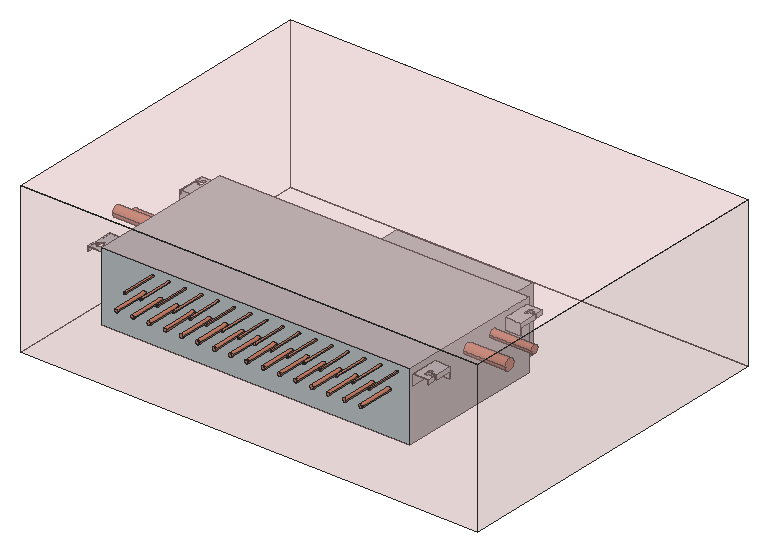
Revit family "CMB-M1016V-JA1(-TR)", category 機械設備, Revit 2016
Family settings
  ホスト = 天井
  パーツ タイプ = 標準
  丸型コネクタ寸法 = 半径を使用
  OmniClass 番号 = 23.75.00.00
  OmniClass タイトル = Climate Control (HVAC)
  常に垂直 = はい
  ロード時にボイドで切り取り = いいえ
  共有 = いいえ
  部屋の計算ポイント = いいえ
Parameters (values of type "CMB-M1016V-JA1(-TR)_240V_60Hz")
  説明 = "BC controller"
  製造元 = "Mitsubishi Electric Corporation"
  モデル = "CMB-M1016V-JA1(-TR)"
  Width = 1135.00 mm
  WarrantyStart = ""
  Voltage = 240 V
  Unit Weight (kg) = 68
  URL = "http://www.mitsubishielectric.com/"
  TagNumber = 0
  Subcategory = "HVAC"
  Space View = yes
  Sound Pressure Level (Rated operation) (dB(A)) = "50"
  Sound Pressure Level (Defrost) (dB(A)) = 56
  Sound Power Level (Rated operation) (dB(A)) = "68"
  Sound Power Level (Defrost) (dB(A)) = 74
  SerialNumber = 0
  ReplacementYear = ""
  Phase = 1
  Number of branch = 16
  InstallationDate = ""
  Indoor unit capacity connectable to 1 branch = "Model P/M80 or smaller\r\n(Use optional joint pipe combining 2 branches when the total unit capacity exceeds P/M81.)"
  Hertz = 60 Hz
  Height = 252.00 mm
  Heating Power Input (kW) = 0.119
  Heating Current (A) = 0.5
  External Finish = "Galvanized steel plate\r\n(Lower part drain pan: Pre-coated galvanized sheets + powder coating)"
  Equip_description = ""
  Equip_No. = 0
  Equip_ID = ""
  Drain pipe_radius = 16.00 mm
  Description = ""
  Depth = 622.00 mm
  CreatedOn = ""
  CreatedBy = ""
  Cooling Power Input (kW) = 0.246
  Cooling Current (A) = 1.03
  Connection pipe of outdoor/heat source unit to P850 to P900 (Low pressure)_radius = 20.64 mm
  Connection pipe of outdoor/heat source unit to P850 to P900 (High pressure)_radius = 14.29 mm
  Connection pipe of outdoor/heat source unit to P700 to P800 (Low pressure)_radius = 17.465 mm
  Connection pipe of outdoor/heat source unit to P700 to P800 (High pressure)_radius = 14.29 mm
  Connection pipe of outdoor/heat source unit to P650 (Low pressure)_radius = 14.29 mm
  Connection pipe of outdoor/heat source unit to P650 (High pressure)_radius = 14.29 mm
  Connection pipe of outdoor/heat source unit to P600 (Low pressure) radius = "14.29 or 17.465"
  Connection pipe of outdoor/heat source unit to P600 (High pressure) radius = "11.1 or 14.29"
  Connection pipe of outdoor/heat source unit to P550 (Low pressure)_radius = 14.29 mm
  Connection pipe of outdoor/heat source unit to P550 (High pressure) radius = "11.1 or 14.29"
  Connection pipe of outdoor/heat source unit to P400 to P500 (Low pressure)_radius = 14.29 mm
  Connection pipe of outdoor/heat source unit to P400 to P500 (High pressure)_radius = 11.10 mm
  Connection pipe of outdoor/heat source unit to P350 (Low pressure)_radius = 14.29 mm
  Connection pipe of outdoor/heat source unit to P350 (High pressure) radius = "9.525 or 11.1"
  Connection pipe of outdoor/heat source unit to P250/P300 (Low pressure)_radius = 11.10 mm
  Connection pipe of outdoor/heat source unit to P250/P300 (High pressure)_radius = 9.525 mm
  Connection pipe of outdoor/heat source unit to P200/M200 (Low pressure)_radius = 9.525 mm
  Connection pipe of outdoor/heat source unit to P200/M200 (High pressure)_radius = 7.94 mm
  Connection pipe of outdoor/heat source unit to M250/M300 (Low pressure)_radius = 11.10 mm
  Connection pipe of outdoor/heat source unit to M250/M300 (High pressure)_radius = 7.94 mm
  Connection pipe of other BC controller to P801 to P1000 (Low pressure Pipe)_radius = 20.64 mm
  Connection pipe of other BC controller to P801 to P1000 (Liquid Pipe)_radius = 9.525 mm
  Connection pipe of other BC controller to P801 to P1000 (High pressure Pipe)_radius = 14.29 mm
  Connection pipe of other BC controller to P651 to P800 (Low pressure Pipe)_radius = 17.465 mm
  Connection pipe of other BC controller to P651 to P800 (Liquid Pipe)_radius = 9.525 mm
  Connection pipe of other BC controller to P651 to P800 (High pressure Pipe)_radius = 14.29 mm
  Connection pipe of other BC controller to P601 to P650 (Low pressure Pipe)_radius = 14.29 mm
  Connection pipe of other BC controller to P601 to P650 (Liquid Pipe)_radius = 7.94 mm
  Connection pipe of other BC controller to P601 to P650 (High pressure Pipe)_radius = 14.29 mm
  Connection pipe of other BC controller to P401 to P600 (Low pressure Pipe)_radius = 14.29 mm
  Connection pipe of other BC controller to P401 to P600 (Liquid Pipe)_radius = 7.94 mm
  Connection pipe of other BC controller to P401 to P600 (High pressure Pipe)_radius = 11.10 mm
  Connection pipe of other BC controller to P351 to P400 (Low pressure Pipe)_radius = 14.29 mm
  Connection pipe of other BC controller to P351 to P400 (Liquid Pipe)_radius = 6.35 mm
  Connection pipe of other BC controller to P351 to P400 (High pressure Pipe)_radius = 11.10 mm
  Connection pipe of other BC controller to P301 to P350 (Low pressure Pipe)_radius = 14.29 mm
  Connection pipe of other BC controller to P301 to P350 (Liquid Pipe)_radius = 6.35 mm
  Connection pipe of other BC controller to P301 to P350 (High pressure Pipe)_radius = 9.525 mm
  Connection pipe of other BC controller to P201 to P300 (Low pressure Pipe)_radius = 11.10 mm
  Connection pipe of other BC controller to P201 to P300 (Liquid Pipe)_radius = 4.76 mm
  Connection pipe of other BC controller to P201 to P300 (High pressure Pipe)_radius = 9.525 mm
  Connection pipe of other BC controller to P200/M200 (Low pressure Pipe)_radius = 9.525 mm
  Connection pipe of other BC controller to P200/M200 (Liquid Pipe)_radius = 4.76 mm
  Connection pipe of other BC controller to P200/M200 (High pressure Pipe)_radius = 7.94 mm
  Connection pipe of other BC controller to P1001 ot above (High pressure Pipe)_radius = 17.465 mm
  Connection pipe of other BC controller to P1001 or above (Low pressure Pipe)_radius = 20.64 mm
  Connection pipe of other BC controller to P1001 or above (Liquid Pipe)_radius = 9.525 mm
  Connection pipe of other BC controller to M401 to M450 (Low pressure Pipe)_radius = 14.29 mm
  Connection pipe of other BC controller to M401 to M450 (Liquid Pipe)_radius = 7.94 mm
  Connection pipe of other BC controller to M401 to M450 (High pressure Pipe)_radius = 9.525 mm
  Connection pipe of other BC controller to M351 to M400 (Low pressure Pipe)_radius = 14.29 mm
  Connection pipe of other BC controller to M351 to M400 (Liquid Pipe)_radius = 6.35 mm
  Connection pipe of other BC controller to M351 to M400 (High pressure Pipe)_radius = 9.525 mm
  Connection pipe of other BC controller to M301 to M350 (Low pressure Pipe)_radius = 14.29 mm
  Connection pipe of other BC controller to M301 to M350 (Liquid Pipe)_radius = 6.35 mm
  Connection pipe of other BC controller to M301 to M350 (High pressure Pipe)_radius = 7.94 mm
  Connection pipe of other BC controller to M201 to M300 (Low pressure Pipe)_radius = 11.10 mm
  Connection pipe of other BC controller to M201 to M300 (Liquid Pipe)_radius = 4.76 mm
  Connection pipe of other BC controller to M201 to M300 (High pressure Pipe)_radius = 7.94 mm
  Connection pipe of indoor unit (Liquid Pipe)_radius (O.D.) = "Indoor unit Model 50 or smaller 3.175 Brazed\r\nbigger than 50 4.76 Brazed"
  Connection pipe of indoor unit (Gas Pipe)_radius (O.D.) = "Indoor unit Model 50 or smaller 6.35 Brazed\r\nbigger than 50 7.94 Brazed\r\n(9.525, 11.1 with optional joint pipe used.)"
  Connectable Outdoor/Heat source Unit Capacity = "P200 to P900/M200 to M300"
  Category = ""
  Barcode = ""
  AssetIdentifier = ""
Types (6, lengths in mm): name | Voltage | Hertz | Heating Power Input (kW) | Heating Current (A) | Cooling Power Input (kW) | Cooling Current (A)
  CMB-M1016V-JA1(-TR)_220V_50Hz | 220 V | 50 Hz | 0.119 | 0.55 | 0.246 | 1.12
  CMB-M1016V-JA1(-TR)_220V_60Hz | 220 V | 60 Hz | 0.096 | 0.44 | 0.198 | 0.9
  CMB-M1016V-JA1(-TR)_230V_50Hz | 230 V | 50 Hz | 0.135 | 0.59 | 0.279 | 1.22
  CMB-M1016V-JA1(-TR)_230V_60Hz | 230 V | 60 Hz | 0.108 | 0.47 | 0.222 | 0.97
  CMB-M1016V-JA1(-TR)_240V_50Hz | 240 V | 50 Hz | 0.151 | 0.63 | 0.312 | 1.3
  CMB-M1016V-JA1(-TR)_240V_60Hz | 240 V | 60 Hz | 0.119 | 0.5 | 0.246 | 1.03
Reference planes
  plane 1 "Center (Front/Back)": y = 0
  plane 2: z = 0
  plane 3 "Center (Left/Right)": x = 0
  plane 4 "Ceiling": z = 0
  plane 5: x = 18.001
  plane 6: x = -1461.999
  plane 7: y = -271.474
  plane 8: y = 272.5
  plane 9: y = -272.5
  plane 10: z = 452.005
  plane 11: z = 200.005
  plane 12: x = -567.5
  plane 13: x = 567.5
  plane 14 "attachment": z = 430.005
Forms (mm)
  Extrusion 1, solid, material "Plated steel"
    sketch origin (-719.999, 26, 4154.985) x (-1, 0, 0) y (0, -1, 0)
      loop
        line (-1287.499, 298.5) -> (-1287.499, -246.5) -> (-152.499, -246.5) -> (-152.499, 298.5) -> (-1287.499, 298.5)
    from -3954.98 to -3702.98
  Extrusion 2, solid, material "Plated steel"
    sketch origin (609.8, 1.043, 4125.43) x (-1, 0, 0) y (0, 0, 1)
      loop
        line (586.665, -3678.196) -> (88.3, -3678.196) -> (88.3, -3915.425) -> (586.665, -3915.425) -> (586.665, -3678.196)
    from 271.457 to 348.457
  Extrusion 3, solid, material "Copper"
    sketch origin (525.5, -272.5, 4151.796) x (-1, 0, 0) y (0, 0, -1)
      loop
        circle (905, 3724.791) r 3.175
    from 0 to 130
  Extrusion 4, solid, material "Copper"
    sketch origin (585.5, -272.5, 4151.796) x (-1, 0, 0) y (0, 0, -1)
      loop
        circle (905, 3724.791) r 3.175
    from 0 to 130
  Extrusion 5, solid, material "Copper"
    sketch origin (645.5, -272.5, 4151.796) x (-1, 0, 0) y (0, 0, -1)
      loop
        circle (905, 3724.791) r 3.175
    from 0 to 130
  Extrusion 6, solid, material "Copper"
    sketch origin (593.5, -272.5, 4151.796) x (-1, 0, 0) y (0, 0, -1)
      loop
        circle (793, 3724.791) r 3.175
    from 0 to 130
  Extrusion 7, solid, material "Copper"
    sketch origin (525.5, -272.5, 4151.796) x (-1, 0, 0) y (0, 0, -1)
      loop
        circle (935, 3792.791) r 6.35
    from 0 to 130
  Extrusion 8, solid, material "Copper"
    sketch origin (585.5, -272.5, 4151.796) x (-1, 0, 0) y (0, 0, -1)
      loop
        circle (935, 3792.791) r 6.35
    from 0 to 130
  Extrusion 9, solid, material "Copper"
    sketch origin (645.5, -272.5, 4151.796) x (-1, 0, 0) y (0, 0, -1)
      loop
        circle (935, 3792.791) r 6.35
    from 0 to 130
  Extrusion 10, solid, material "Copper"
    sketch origin (593.5, -272.5, 4151.796) x (-1, 0, 0) y (0, 0, -1)
      loop
        circle (823, 3792.791) r 6.35
    from 0 to 130
  Extrusion 11, solid, material "Copper"
    sketch origin (-567.5, 273, 4154.985) x (0, -1, 0) y (0, 0, 1)
      loop
        circle (281.5, -3749.98) r 19.05
    from 0 to 155
  Extrusion 12, solid, material "Copper"
    sketch origin (-567.5, 273, 4154.985) x (0, -1, 0) y (0, 0, 1)
      loop
        circle (203.5, -3793.98) r 17.465
    from 0 to 155
  Extrusion 13, solid
    sketch origin (-567.5, 273, 4154.985) x (0, -1, 0) y (0, 0, 1)
      loop
        circle (272.5, -3923.98) r 16
    from 0 to 20
  Extrusion 14, solid, material "Copper"
    sketch origin (653.5, -272.5, 4151.796) x (-1, 0, 0) y (0, 0, -1)
      loop
        circle (793, 3724.791) r 3.175
    from 0 to 130
  Extrusion 15, solid, material "Copper"
    sketch origin (653.5, -272.5, 4151.796) x (-1, 0, 0) y (0, 0, -1)
      loop
        circle (823, 3792.791) r 6.35
    from 0 to 130
  Extrusion 16, solid, material "Copper"
    sketch origin (713.5, -272.5, 4151.796) x (-1, 0, 0) y (0, 0, -1)
      loop
        circle (793, 3724.791) r 3.175
    from 0 to 130
  Extrusion 17, solid, material "Copper"
    sketch origin (713.5, -272.5, 4151.796) x (-1, 0, 0) y (0, 0, -1)
      loop
        circle (823, 3792.791) r 6.35
    from 0 to 130
  Extrusion 18, solid, material "Copper"
    sketch origin (773.5, -272.5, 4151.796) x (-1, 0, 0) y (0, 0, -1)
      loop
        circle (793, 3724.791) r 3.175
    from 0 to 130
  Extrusion 19, solid, material "Copper"
    sketch origin (773.5, -272.5, 4151.796) x (-1, 0, 0) y (0, 0, -1)
      loop
        circle (823, 3792.791) r 6.35
    from 0 to 130
  Extrusion 20, solid, material "Copper"
    sketch origin (833.5, -272.5, 4151.796) x (-1, 0, 0) y (0, 0, -1)
      loop
        circle (793, 3724.791) r 3.175
    from 0 to 130
  Extrusion 21, solid, material "Copper"
    sketch origin (833.5, -272.5, 4151.796) x (-1, 0, 0) y (0, 0, -1)
      loop
        circle (823, 3792.791) r 6.35
    from 0 to 130
  Extrusion 22, solid, material "Copper"
    sketch origin (893.5, -272.5, 4151.796) x (-1, 0, 0) y (0, 0, -1)
      loop
        circle (793, 3724.791) r 3.175
    from 0 to 130
  Extrusion 23, solid, material "Copper"
    sketch origin (893.5, -272.5, 4151.796) x (-1, 0, 0) y (0, 0, -1)
      loop
        circle (823, 3792.791) r 6.35
    from 0 to 130
  Extrusion 24, solid, material "Copper"
    sketch origin (953.5, -272.5, 4151.796) x (-1, 0, 0) y (0, 0, -1)
      loop
        circle (793, 3724.791) r 3.175
    from 0 to 130
  Extrusion 25, solid, material "Copper"
    sketch origin (953.5, -272.5, 4151.796) x (-1, 0, 0) y (0, 0, -1)
      loop
        circle (823, 3792.791) r 6.35
    from 0 to 130
  Extrusion 26, solid, material "Copper"
    sketch origin (1013.5, -272.5, 4151.796) x (-1, 0, 0) y (0, 0, -1)
      loop
        circle (793, 3724.791) r 3.175
    from 0 to 130
  Extrusion 27, solid, material "Copper"
    sketch origin (1013.5, -272.5, 4151.796) x (-1, 0, 0) y (0, 0, -1)
      loop
        circle (823, 3792.791) r 6.35
    from 0 to 130
  Extrusion 28, solid, material "Copper"
    sketch origin (1073.5, -272.5, 4151.796) x (-1, 0, 0) y (0, 0, -1)
      loop
        circle (793, 3724.791) r 3.175
    from 0 to 130
  Extrusion 29, solid, material "Copper"
    sketch origin (1073.5, -272.5, 4151.796) x (-1, 0, 0) y (0, 0, -1)
      loop
        circle (823, 3792.791) r 6.35
    from 0 to 130
  Extrusion 30, solid, material "Copper"
    sketch origin (1133.5, -272.5, 4151.796) x (-1, 0, 0) y (0, 0, -1)
      loop
        circle (793, 3724.791) r 3.175
    from 0 to 130
  Extrusion 31, solid, material "Copper"
    sketch origin (1133.5, -272.5, 4151.796) x (-1, 0, 0) y (0, 0, -1)
      loop
        circle (823, 3792.791) r 6.35
    from 0 to 130
  Extrusion 32, solid, material "Copper"
    sketch origin (1193.5, -272.5, 4151.796) x (-1, 0, 0) y (0, 0, -1)
      loop
        circle (793, 3724.791) r 3.175
    from 0 to 130
  Extrusion 33, solid, material "Copper"
    sketch origin (1193.5, -272.5, 4151.796) x (-1, 0, 0) y (0, 0, -1)
      loop
        circle (823, 3792.791) r 6.35
    from 0 to 130
  Extrusion 34, solid, material "Copper"
    sketch origin (1253.5, -272.5, 4151.796) x (-1, 0, 0) y (0, 0, -1)
      loop
        circle (793, 3724.791) r 3.175
    from 0 to 130
  Extrusion 35, solid, material "Copper"
    sketch origin (1253.5, -272.5, 4151.796) x (-1, 0, 0) y (0, 0, -1)
      loop
        circle (823, 3792.791) r 6.35
    from 0 to 130
  Extrusion 36, solid, material "Copper"
    sketch origin (1313.5, -272.5, 4151.796) x (-1, 0, 0) y (0, 0, -1)
      loop
        circle (793, 3724.791) r 3.175
    from 0 to 130
  Extrusion 37, solid, material "Copper"
    sketch origin (1313.5, -272.5, 4151.796) x (-1, 0, 0) y (0, 0, -1)
      loop
        circle (823, 3792.791) r 6.35
    from 0 to 130
  Extrusion 38, solid, material "Copper"
    sketch origin (567.5, 273, 4154.985) x (0, -1, 0) y (0, 0, -1)
      loop
        circle (281.5, 3749.98) r 19.05
    from 0 to 155
  Extrusion 39, solid, material "Copper"
    sketch origin (567.5, 273, 4154.985) x (0, -1, 0) y (0, 0, -1)
      loop
        circle (166.5, 3749.98) r 14.29
    from 0 to 155
  Extrusion 40, solid, material "Copper"
    sketch origin (567.5, 273, 4154.985) x (0, -1, 0) y (0, 0, -1)
      loop
        circle (220.5, 3799.98) r 9.525
    from 0 to 80
  Extrusion 41, solid, material "Service space", visible <- "Space View"
    sketch origin (-522.645, 0, 0) x (1, 0, 0) y (0, 1, 0)
      loop
        line (-344.855, -272.5) -> (1340.145, -272.5) -> (1340.145, 972.5) -> (-344.855, 972.5) -> (-344.855, -272.5)
    from 0 to 552
Lines and regions (mm)
  model lines, visible <- "Space View"
    curve 1: line (224.5, 972.5, 0) -> (-225.5, 972.5, 0)
    curve 2: line (224.5, 522.5, 0) -> (224.5, 972.5, 0)
    curve 3: line (-225.5, 522.5, 0) -> (224.5, 522.5, 0)
    curve 4: line (-225.5, 972.5, 0) -> (-225.5, 522.5, 0)
    curve 5: line (-225.5, 522.5, 0) -> (224.5, 972.5, 0)
    curve 6: line (224.5, 522.5, 0) -> (-225.5, 972.5, 0)
Dimensions and locks
  equal spacing: host sketch curve, plane 3 "Center (Left/Right)", host sketch curve
  equal spacing: host sketch curve, plane 1 "Center (Front/Back)", host sketch curve
  host sketch curve to host sketch curve = 4000.00 mm  (x2)
  locked: plane 4 "Ceiling" to host ceiling at 0
  Extrusion 1 sketch curve to Extrusion 1 sketch curve = 1135.00 mm  (x2)
  Extrusion 1 sketch curve to Extrusion 1 sketch curve = 545.00 mm
  locked: Extrusion 2 to Extrusion 2 at 77
  Extrusion 1 to Extrusion 3 sketch curve = 188.00 mm
  Extrusion 1 to Extrusion 7 sketch curve = 158.00 mm
  Extrusion 11 sketch curve to Extrusion 1 = 264.00 mm
  Extrusion 1 to Extrusion 11 sketch curve = 47.00 mm
  Extrusion 12 sketch curve to Extrusion 1 = 342.00 mm
  Extrusion 1 to Extrusion 12 sketch curve = 91.00 mm
  Extrusion 13 sketch curve to Extrusion 1 = 273.00 mm
  Extrusion 1 to Extrusion 1 = 252.00 mm  (x2)
  Extrusion 1 to level = 200.005 mm
  Extrusion 1 to Extrusion 13 = 221.00 mm
  Extrusion 1 to Extrusion 13 sketch curve = 221.00 mm
  Extrusion 1 to Extrusion 12 = 91.00 mm
  equal spacing: Extrusion 1, plane 3 "Center (Left/Right)", Extrusion 1
  "Width": Extrusion 1 to Extrusion 1
  curve 4 to curve 2 = 450.00 mm
  Extrusion 1 to curve 3 = 250.00 mm
  locked: nested 1 to nested 2 at 463
  locked: Extrusion 1 to Extrusion 1 at 545
  equal spacing: Extrusion 1, plane 1 "Center (Front/Back)", Extrusion 1
  plane 14 "attachment" to Extrusion 1 = 22.00 mm
  locked: Extrusion 6 to Extrusion 1 at 130
  curve 3 to Extrusion 1 = 250.00 mm
  curve 3 to curve 1 = 450.00 mm
  nested 4 to nested 2 = 1207.00 mm
  equal spacing: group 8, group 9, group 10, group 11, group 12, group 13  (x3)
  Extrusion 1 to Extrusion 38 sketch curve = 264.00 mm
  Extrusion 1 to Extrusion 38 sketch curve = 47.00 mm
  Extrusion 1 to Extrusion 39 sketch curve = 379.00 mm
  Extrusion 1 to Extrusion 39 sketch curve = 47.00 mm
  Extrusion 1 to Extrusion 40 sketch curve = 325.00 mm
  Extrusion 1 to Extrusion 40 sketch curve = 97.00 mm
  locked: Extrusion 1 to Extrusion 41 at 250
  Extrusion 41 to Extrusion 1 = 300.00 mm
  Extrusion 41 sketch curve to Extrusion 1 = 300.00 mm
  Extrusion 41 sketch curve to Extrusion 1 = 700.00 mm
  Extrusion 41 to Extrusion 1 = 700.00 mm
  curve 2 to Extrusion 1 = 343.00 mm
  diameter of Extrusion 3 sketch curve = 6.35 mm
  diameter of Extrusion 4 sketch curve = 6.35 mm
  diameter of Extrusion 5 sketch curve = 6.35 mm
  diameter of Extrusion 6 sketch curve = 6.35 mm
  diameter of Extrusion 7 sketch curve = 12.70 mm
  diameter of Extrusion 8 sketch curve = 12.70 mm
  diameter of Extrusion 9 sketch curve = 12.70 mm
  diameter of Extrusion 10 sketch curve = 12.70 mm
  diameter of Extrusion 11 sketch curve = 38.10 mm
  diameter of Extrusion 12 sketch curve = 34.93 mm
  diameter of Extrusion 13 sketch curve = 32.00 mm
  diameter of Extrusion 11 = 38.10 mm
  diameter of Extrusion 12 = 34.93 mm
  diameter of Extrusion 13 = 32.00 mm
  diameter of Extrusion 14 sketch curve = 6.35 mm
  diameter of Extrusion 15 sketch curve = 12.70 mm
  diameter of Extrusion 16 sketch curve = 6.35 mm
  diameter of Extrusion 17 sketch curve = 12.70 mm
  diameter of Extrusion 18 sketch curve = 6.35 mm
  diameter of Extrusion 19 sketch curve = 12.70 mm
  diameter of Extrusion 20 sketch curve = 6.35 mm
  diameter of Extrusion 21 sketch curve = 12.70 mm
  diameter of Extrusion 22 sketch curve = 6.35 mm
  diameter of Extrusion 23 sketch curve = 12.70 mm
  diameter of Extrusion 24 sketch curve = 6.35 mm
  diameter of Extrusion 25 sketch curve = 12.70 mm
  diameter of Extrusion 26 sketch curve = 6.35 mm
  diameter of Extrusion 27 sketch curve = 12.70 mm
  diameter of Extrusion 28 sketch curve = 6.35 mm
  diameter of Extrusion 29 sketch curve = 12.70 mm
  diameter of Extrusion 30 sketch curve = 6.35 mm
  diameter of Extrusion 31 sketch curve = 12.70 mm
  diameter of Extrusion 32 sketch curve = 6.35 mm
  diameter of Extrusion 33 sketch curve = 12.70 mm
  diameter of Extrusion 34 sketch curve = 6.35 mm
  diameter of Extrusion 35 sketch curve = 12.70 mm
  diameter of Extrusion 36 sketch curve = 6.35 mm
  diameter of Extrusion 37 sketch curve = 12.70 mm
  aligned and locked: Extrusion 2 to Extrusion 1
  aligned and locked: plane 14 "attachment" to nested 1
  aligned and locked: nested 2 to plane 14 "attachment"
Automatic sketch dimensions
  plane 9 to Extrusion 1 sketch curve = 0.00 mm
  plane 10 to Extrusion 2 sketch curve = 4.77 mm
  Extrusion 2 sketch curve to plane 11 = 10.00 mm
  Extrusion 1 to Extrusion 3 sketch curve = 25.00 mm
  Extrusion 1 to Extrusion 4 sketch curve = 25.00 mm
  Extrusion 4 sketch curve to Extrusion 1 = 248.00 mm
  Extrusion 1 to Extrusion 5 sketch curve = 25.00 mm
  Extrusion 5 sketch curve to Extrusion 1 = 308.00 mm
  Extrusion 1 to Extrusion 7 sketch curve = 93.00 mm
  Extrusion 8 sketch curve to Extrusion 1 = 218.00 mm
  Extrusion 1 to Extrusion 8 sketch curve = 93.00 mm
  Extrusion 1 to Extrusion 9 sketch curve = 93.00 mm
  Extrusion 9 sketch curve to Extrusion 1 = 278.00 mm
  plane 3 "Center (Left/Right)" to Extrusion 2 sketch curve = 23.135 mm
  plane 5 to Extrusion 1 sketch curve = 549.499 mm
  plane 3 "Center (Left/Right)" to Extrusion 2 sketch curve = 521.50 mm
  curve 3 to plane 8 = 250.00 mm
  plane 9 to Extrusion 41 sketch curve = 0.00 mm
  plane 13 to Extrusion 41 sketch curve = 250.00 mm
  radius of Extrusion 38 sketch curve = 19.05 mm
  radius of Extrusion 39 sketch curve = 14.29 mm
  radius of Extrusion 40 sketch curve = 9.525 mm
Nested families
  nested 1: "LEG" at (604.5, 231.5, 432.305) x (0, 1, 0) z (0, 0, 1), type "LEG"
  nested 2: "LEG" at (604.5, -231.5, 432.305) x (0, -1, 0) z (0, 0, 1), type "LEG"
  nested 3: "LEG" at (-604.5, 231.5, 432.305) x (0, 1, 0) z (0, 0, 1), type "LEG"
  nested 4: "LEG" at (-604.5, -231.5, 432.305) x (0, -1, 0) z (0, 0, 1), type "LEG"
Connectors
  piping at (-379.5, -402.5, 427.005), diameter 6.36
    settings: on Extrusion 3, index 1, connector inside diameter 609.6 mm, connector length 0.00 mm, flow factor 0, pipe flow 0.0 L/s, pressure drop 0.0 Pa, fitting loss kfactor 0, connector angle 0.00°, fixture units 0, engagement length 0.00 mm, angle of deflection 0.00°, flow configuration 0, flow direction 0, fitting loss method 0, system type 22, joint type 0, gender type 0, connector reference index -1, connector utility 0, adjustable connector no, is connector primary yes, connector description "indoor unit (Liquid)"
  piping at (-319.5, -402.5, 427.005), diameter 6.36
    settings: on Extrusion 4, index 2, connector inside diameter 609.6 mm, connector length 0.00 mm, flow factor 0, pipe flow 0.0 L/s, pressure drop 0.0 Pa, fitting loss kfactor 0, connector angle 0.00°, fixture units 0, engagement length 0.00 mm, angle of deflection 0.00°, flow configuration 0, flow direction 0, fitting loss method 0, system type 22, joint type 0, gender type 0, connector reference index -1, connector utility 0, adjustable connector no, is connector primary no, connector description "indoor unit (Liquid)"
  piping at (-259.5, -402.5, 427.005), diameter 6.36
    settings: on Extrusion 5, index 3, connector inside diameter 609.6 mm, connector length 0.00 mm, flow factor 0, pipe flow 0.0 L/s, pressure drop 0.0 Pa, fitting loss kfactor 0, connector angle 0.00°, fixture units 0, engagement length 0.00 mm, angle of deflection 0.00°, flow configuration 0, flow direction 0, fitting loss method 0, system type 22, joint type 0, gender type 0, connector reference index -1, connector utility 0, adjustable connector no, is connector primary no, connector description "indoor unit (Liquid)"
  piping at (-199.5, -402.5, 427.005), diameter 6.36
    settings: on Extrusion 6, index 4, connector inside diameter 609.6 mm, connector length 0.00 mm, flow factor 0, pipe flow 0.0 L/s, pressure drop 0.0 Pa, fitting loss kfactor 0, connector angle 0.00°, fixture units 0, engagement length 0.00 mm, angle of deflection 0.00°, flow configuration 0, flow direction 0, fitting loss method 0, system type 22, joint type 0, gender type 0, connector reference index -1, connector utility 0, adjustable connector no, is connector primary no, connector description "indoor unit (Liquid)"
  piping at (-409.5, -402.5, 359.005), diameter 12.7
    settings: on Extrusion 7, index 9, connector inside diameter 609.6 mm, connector length 0.00 mm, flow factor 0, pipe flow 0.0 L/s, pressure drop 0.0 Pa, fitting loss kfactor 0, connector angle 0.00°, fixture units 0, engagement length 0.00 mm, angle of deflection 0.00°, flow configuration 0, flow direction 0, fitting loss method 0, system type 22, joint type 0, gender type 0, connector reference index -1, connector utility 0, adjustable connector no, is connector primary no, connector description "indoor unit (Gas)"
  piping at (-349.5, -402.5, 359.005), diameter 12.7
    settings: on Extrusion 8, index 10, connector inside diameter 609.6 mm, connector length 0.00 mm, flow factor 0, pipe flow 0.0 L/s, pressure drop 0.0 Pa, fitting loss kfactor 0, connector angle 0.00°, fixture units 0, engagement length 0.00 mm, angle of deflection 0.00°, flow configuration 0, flow direction 0, fitting loss method 0, system type 22, joint type 0, gender type 0, connector reference index -1, connector utility 0, adjustable connector no, is connector primary no, connector description "indoor unit (Gas)"
  piping at (-289.5, -402.5, 359.005), diameter 12.7
    settings: on Extrusion 9, index 11, connector inside diameter 609.6 mm, connector length 0.00 mm, flow factor 0, pipe flow 0.0 L/s, pressure drop 0.0 Pa, fitting loss kfactor 0, connector angle 0.00°, fixture units 0, engagement length 0.00 mm, angle of deflection 0.00°, flow configuration 0, flow direction 0, fitting loss method 0, system type 22, joint type 0, gender type 0, connector reference index -1, connector utility 0, adjustable connector no, is connector primary no, connector description "indoor unit (Gas)"
  piping at (-229.5, -402.5, 359.005), diameter 12.7
    settings: on Extrusion 10, index 12, connector inside diameter 609.6 mm, connector length 0.00 mm, flow factor 0, pipe flow 0.0 L/s, pressure drop 0.0 Pa, fitting loss kfactor 0, connector angle 0.00°, fixture units 0, engagement length 0.00 mm, angle of deflection 0.00°, flow configuration 0, flow direction 0, fitting loss method 0, system type 22, joint type 0, gender type 0, connector reference index -1, connector utility 0, adjustable connector no, is connector primary no, connector description "indoor unit (Gas)"
  piping at (-722.5, -8.5, 405.005), diameter 38.1
    settings: on Extrusion 11, index 17, connector inside diameter 609.6 mm, connector length 0.00 mm, flow factor 0, pipe flow 0.0 L/s, pressure drop 0.0 Pa, fitting loss kfactor 0, connector angle 0.00°, fixture units 0, engagement length 0.00 mm, angle of deflection 0.00°, flow configuration 0, flow direction 0, fitting loss method 0, system type 22, joint type 0, gender type 0, connector reference index -1, connector utility 0, adjustable connector no, is connector primary no, connector description "outdoor unit(Low pressure)"
  piping at (-722.5, 69.5, 361.005), diameter 34.94
    settings: on Extrusion 12, index 19, connector inside diameter 609.6 mm, connector length 0.00 mm, flow factor 0, pipe flow 0.0 L/s, pressure drop 0.0 Pa, fitting loss kfactor 0, connector angle 0.00°, fixture units 0, engagement length 0.00 mm, angle of deflection 0.00°, flow configuration 0, flow direction 0, fitting loss method 0, system type 22, joint type 0, gender type 0, connector reference index -1, connector utility 0, adjustable connector no, is connector primary no, connector description "outdoor unit(High pressure)"
  piping at (-587.5, 0.5, 231.005), diameter 32
    settings: on Extrusion 13, index 20, connector inside diameter 609.6 mm, connector length 0.00 mm, flow factor 0, pipe flow 0.0 L/s, pressure drop 0.0 Pa, fitting loss kfactor 0, connector angle 0.00°, fixture units 0, engagement length 0.00 mm, angle of deflection 0.00°, flow configuration 0, flow direction 2, fitting loss method 0, system type 22, joint type 0, gender type 0, connector reference index -1, connector utility 0, adjustable connector no, is connector primary no, connector description "Drain"
  electrical at (521.5, 311, 328.62), driven by "Phase", driven by "Voltage"
    settings: on Extrusion 2, index 21, voltage 240 V, apparent load 0 VA, apparent load phase1 0 VA, apparent load phase2 0 VA, apparent load phase3 0 VA, power factor 1, load classification "その他", number of poles 1, system type 30, power factor state 1, is connector primary yes, connector utility no, sub classification motor no, connector description ""
  piping at (-139.5, -402.5, 427.005), diameter 6.36
    settings: on Extrusion 14, index 22, connector inside diameter 609.6 mm, connector length 0.00 mm, flow factor 0, pipe flow 0.0 L/s, pressure drop 0.0 Pa, fitting loss kfactor 0, connector angle 0.00°, fixture units 0, engagement length 0.00 mm, angle of deflection 0.00°, flow configuration 0, flow direction 0, fitting loss method 0, system type 22, joint type 0, gender type 0, connector reference index -1, connector utility 0, adjustable connector no, is connector primary no, connector description "indoor unit (Liquid)"
  piping at (-79.5, -402.5, 427.005), diameter 6.36
    settings: on Extrusion 16, index 23, connector inside diameter 609.6 mm, connector length 0.00 mm, flow factor 0, pipe flow 0.0 L/s, pressure drop 0.0 Pa, fitting loss kfactor 0, connector angle 0.00°, fixture units 0, engagement length 0.00 mm, angle of deflection 0.00°, flow configuration 0, flow direction 0, fitting loss method 0, system type 23, joint type 0, gender type 0, connector reference index -1, connector utility 0, adjustable connector no, is connector primary no, connector description "indoor unit (Liquid)"
  piping at (-19.5, -402.5, 427.005), diameter 6.36
    settings: on Extrusion 18, index 24, connector inside diameter 609.6 mm, connector length 0.00 mm, flow factor 0, pipe flow 0.0 L/s, pressure drop 0.0 Pa, fitting loss kfactor 0, connector angle 0.00°, fixture units 0, engagement length 0.00 mm, angle of deflection 0.00°, flow configuration 0, flow direction 0, fitting loss method 0, system type 22, joint type 0, gender type 0, connector reference index -1, connector utility 0, adjustable connector no, is connector primary no, connector description "indoor unit (Liquid)"
  piping at (40.5, -402.5, 427.005), diameter 6.36
    settings: on Extrusion 20, index 25, connector inside diameter 609.6 mm, connector length 0.00 mm, flow factor 0, pipe flow 0.0 L/s, pressure drop 0.0 Pa, fitting loss kfactor 0, connector angle 0.00°, fixture units 0, engagement length 0.00 mm, angle of deflection 0.00°, flow configuration 0, flow direction 0, fitting loss method 0, system type 22, joint type 0, gender type 0, connector reference index -1, connector utility 0, adjustable connector no, is connector primary no, connector description "indoor unit (Liquid)"
  piping at (100.5, -402.5, 427.005), diameter 6.36
    settings: on Extrusion 22, index 26, connector inside diameter 609.6 mm, connector length 0.00 mm, flow factor 0, pipe flow 0.0 L/s, pressure drop 0.0 Pa, fitting loss kfactor 0, connector angle 0.00°, fixture units 0, engagement length 0.00 mm, angle of deflection 0.00°, flow configuration 0, flow direction 0, fitting loss method 0, system type 22, joint type 0, gender type 0, connector reference index -1, connector utility 0, adjustable connector no, is connector primary no, connector description "indoor unit (Liquid)"
  piping at (160.5, -402.5, 427.005), diameter 6.36
    settings: on Extrusion 24, index 27, connector inside diameter 609.6 mm, connector length 0.00 mm, flow factor 0, pipe flow 0.0 L/s, pressure drop 0.0 Pa, fitting loss kfactor 0, connector angle 0.00°, fixture units 0, engagement length 0.00 mm, angle of deflection 0.00°, flow configuration 0, flow direction 0, fitting loss method 0, system type 22, joint type 0, gender type 0, connector reference index -1, connector utility 0, adjustable connector no, is connector primary no, connector description "indoor unit (Liquid)"
  piping at (220.5, -402.5, 427.005), diameter 6.36
    settings: on Extrusion 26, index 28, connector inside diameter 609.6 mm, connector length 0.00 mm, flow factor 0, pipe flow 0.0 L/s, pressure drop 0.0 Pa, fitting loss kfactor 0, connector angle 0.00°, fixture units 0, engagement length 0.00 mm, angle of deflection 0.00°, flow configuration 0, flow direction 0, fitting loss method 0, system type 22, joint type 0, gender type 0, connector reference index -1, connector utility 0, adjustable connector no, is connector primary no, connector description "indoor unit (Liquid)"
  piping at (-169.5, -402.5, 359.005), diameter 12.7
    settings: on Extrusion 15, index 30, connector inside diameter 609.6 mm, connector length 0.00 mm, flow factor 0, pipe flow 0.0 L/s, pressure drop 0.0 Pa, fitting loss kfactor 0, connector angle 0.00°, fixture units 0, engagement length 0.00 mm, angle of deflection 0.00°, flow configuration 0, flow direction 0, fitting loss method 0, system type 22, joint type 0, gender type 0, connector reference index -1, connector utility 0, adjustable connector no, is connector primary no, connector description "indoor unit (Gas)"
  piping at (-109.5, -402.5, 359.005), diameter 12.7
    settings: on Extrusion 17, index 31, connector inside diameter 609.6 mm, connector length 0.00 mm, flow factor 0, pipe flow 0.0 L/s, pressure drop 0.0 Pa, fitting loss kfactor 0, connector angle 0.00°, fixture units 0, engagement length 0.00 mm, angle of deflection 0.00°, flow configuration 0, flow direction 0, fitting loss method 0, system type 22, joint type 0, gender type 0, connector reference index -1, connector utility 0, adjustable connector no, is connector primary no, connector description "indoor unit (Gas)"
  piping at (-49.5, -402.5, 359.005), diameter 12.7
    settings: on Extrusion 19, index 32, connector inside diameter 609.6 mm, connector length 0.00 mm, flow factor 0, pipe flow 0.0 L/s, pressure drop 0.0 Pa, fitting loss kfactor 0, connector angle 0.00°, fixture units 0, engagement length 0.00 mm, angle of deflection 0.00°, flow configuration 0, flow direction 0, fitting loss method 0, system type 22, joint type 0, gender type 0, connector reference index -1, connector utility 0, adjustable connector no, is connector primary no, connector description "indoor unit (Gas)"
  piping at (10.5, -402.5, 359.005), diameter 12.7
    settings: on Extrusion 21, index 33, connector inside diameter 609.6 mm, connector length 0.00 mm, flow factor 0, pipe flow 0.0 L/s, pressure drop 0.0 Pa, fitting loss kfactor 0, connector angle 0.00°, fixture units 0, engagement length 0.00 mm, angle of deflection 0.00°, flow configuration 0, flow direction 0, fitting loss method 0, system type 22, joint type 0, gender type 0, connector reference index -1, connector utility 0, adjustable connector no, is connector primary no, connector description "indoor unit (Gas)"
  piping at (70.5, -402.5, 359.005), diameter 12.7
    settings: on Extrusion 23, index 34, connector inside diameter 609.6 mm, connector length 0.00 mm, flow factor 0, pipe flow 0.0 L/s, pressure drop 0.0 Pa, fitting loss kfactor 0, connector angle 0.00°, fixture units 0, engagement length 0.00 mm, angle of deflection 0.00°, flow configuration 0, flow direction 0, fitting loss method 0, system type 22, joint type 0, gender type 0, connector reference index -1, connector utility 0, adjustable connector no, is connector primary no, connector description "indoor unit (Gas)"
  piping at (130.5, -402.5, 359.005), diameter 12.7
    settings: on Extrusion 25, index 35, connector inside diameter 609.6 mm, connector length 0.00 mm, flow factor 0, pipe flow 0.0 L/s, pressure drop 0.0 Pa, fitting loss kfactor 0, connector angle 0.00°, fixture units 0, engagement length 0.00 mm, angle of deflection 0.00°, flow configuration 0, flow direction 0, fitting loss method 0, system type 22, joint type 0, gender type 0, connector reference index -1, connector utility 0, adjustable connector no, is connector primary no, connector description "indoor unit (Gas)"
  piping at (190.5, -402.5, 359.005), diameter 12.7
    settings: on Extrusion 27, index 36, connector inside diameter 609.6 mm, connector length 0.00 mm, flow factor 0, pipe flow 0.0 L/s, pressure drop 0.0 Pa, fitting loss kfactor 0, connector angle 0.00°, fixture units 0, engagement length 0.00 mm, angle of deflection 0.00°, flow configuration 0, flow direction 0, fitting loss method 0, system type 22, joint type 0, gender type 0, connector reference index -1, connector utility 0, adjustable connector no, is connector primary no, connector description "indoor unit (Gas)"
  piping at (280.5, -402.5, 427.005), diameter 6.36
    settings: on Extrusion 28, index 37, connector inside diameter 609.6 mm, connector length 0.00 mm, flow factor 0, pipe flow 0.0 L/s, pressure drop 0.0 Pa, fitting loss kfactor 0, connector angle 0.00°, fixture units 0, engagement length 0.00 mm, angle of deflection 0.00°, flow configuration 0, flow direction 0, fitting loss method 0, system type 22, joint type 0, gender type 0, connector reference index -1, connector utility 0, adjustable connector no, is connector primary no, connector description "indoor unit (Liquid)"
  piping at (340.5, -402.5, 427.005), diameter 6.36
    settings: on Extrusion 30, index 38, connector inside diameter 609.6 mm, connector length 0.00 mm, flow factor 0, pipe flow 0.0 L/s, pressure drop 0.0 Pa, fitting loss kfactor 0, connector angle 0.00°, fixture units 0, engagement length 0.00 mm, angle of deflection 0.00°, flow configuration 0, flow direction 0, fitting loss method 0, system type 22, joint type 0, gender type 0, connector reference index -1, connector utility 0, adjustable connector no, is connector primary no, connector description "indoor unit (Liquid)"
  piping at (400.5, -402.5, 427.005), diameter 6.36
    settings: on Extrusion 32, index 39, connector inside diameter 609.6 mm, connector length 0.00 mm, flow factor 0, pipe flow 0.0 L/s, pressure drop 0.0 Pa, fitting loss kfactor 0, connector angle 0.00°, fixture units 0, engagement length 0.00 mm, angle of deflection 0.00°, flow configuration 0, flow direction 0, fitting loss method 0, system type 22, joint type 0, gender type 0, connector reference index -1, connector utility 0, adjustable connector no, is connector primary no, connector description "indoor unit (Liquid)"
  piping at (460.5, -402.5, 427.005), diameter 6.36
    settings: on Extrusion 34, index 40, connector inside diameter 609.6 mm, connector length 0.00 mm, flow factor 0, pipe flow 0.0 L/s, pressure drop 0.0 Pa, fitting loss kfactor 0, connector angle 0.00°, fixture units 0, engagement length 0.00 mm, angle of deflection 0.00°, flow configuration 0, flow direction 0, fitting loss method 0, system type 22, joint type 0, gender type 0, connector reference index -1, connector utility 0, adjustable connector no, is connector primary no, connector description "indoor unit (Liquid)"
  piping at (520.5, -402.5, 427.005), diameter 6.36
    settings: on Extrusion 36, index 41, connector inside diameter 609.6 mm, connector length 0.00 mm, flow factor 0, pipe flow 0.0 L/s, pressure drop 0.0 Pa, fitting loss kfactor 0, connector angle 0.00°, fixture units 0, engagement length 0.00 mm, angle of deflection 0.00°, flow configuration 0, flow direction 0, fitting loss method 0, system type 22, joint type 0, gender type 0, connector reference index -1, connector utility 0, adjustable connector no, is connector primary no, connector description "indoor unit (Liquid)"
  piping at (490.5, -402.5, 359.005), diameter 12.7
    settings: on Extrusion 37, index 42, connector inside diameter 609.6 mm, connector length 0.00 mm, flow factor 0, pipe flow 0.0 L/s, pressure drop 0.0 Pa, fitting loss kfactor 0, connector angle 0.00°, fixture units 0, engagement length 0.00 mm, angle of deflection 0.00°, flow configuration 0, flow direction 0, fitting loss method 0, system type 22, joint type 0, gender type 0, connector reference index -1, connector utility 0, adjustable connector no, is connector primary no, connector description "indoor unit (Gas)"
  piping at (430.5, -402.5, 359.005), diameter 12.7
    settings: on Extrusion 35, index 43, connector inside diameter 609.6 mm, connector length 0.00 mm, flow factor 0, pipe flow 0.0 L/s, pressure drop 0.0 Pa, fitting loss kfactor 0, connector angle 0.00°, fixture units 0, engagement length 0.00 mm, angle of deflection 0.00°, flow configuration 0, flow direction 0, fitting loss method 0, system type 22, joint type 0, gender type 0, connector reference index -1, connector utility 0, adjustable connector no, is connector primary no, connector description "indoor unit (Gas)"
  piping at (370.5, -402.5, 359.005), diameter 12.7
    settings: on Extrusion 33, index 44, connector inside diameter 609.6 mm, connector length 0.00 mm, flow factor 0, pipe flow 0.0 L/s, pressure drop 0.0 Pa, fitting loss kfactor 0, connector angle 0.00°, fixture units 0, engagement length 0.00 mm, angle of deflection 0.00°, flow configuration 0, flow direction 0, fitting loss method 0, system type 22, joint type 0, gender type 0, connector reference index -1, connector utility 0, adjustable connector no, is connector primary no, connector description "indoor unit (Gas)"
  piping at (310.5, -402.5, 359.005), diameter 12.7
    settings: on Extrusion 31, index 45, connector inside diameter 609.6 mm, connector length 0.00 mm, flow factor 0, pipe flow 0.0 L/s, pressure drop 0.0 Pa, fitting loss kfactor 0, connector angle 0.00°, fixture units 0, engagement length 0.00 mm, angle of deflection 0.00°, flow configuration 0, flow direction 0, fitting loss method 0, system type 22, joint type 0, gender type 0, connector reference index -1, connector utility 0, adjustable connector no, is connector primary no, connector description "indoor unit (Gas)"
  piping at (250.5, -402.5, 359.005), diameter 12.7
    settings: on Extrusion 29, index 46, connector inside diameter 609.6 mm, connector length 0.00 mm, flow factor 0, pipe flow 0.0 L/s, pressure drop 0.0 Pa, fitting loss kfactor 0, connector angle 0.00°, fixture units 0, engagement length 0.00 mm, angle of deflection 0.00°, flow configuration 0, flow direction 0, fitting loss method 0, system type 22, joint type 0, gender type 0, connector reference index -1, connector utility 0, adjustable connector no, is connector primary no, connector description "indoor unit (Gas)"
  piping at (722.5, -8.5, 405.005), diameter 38.1
    settings: on Extrusion 38, index 47, connector inside diameter 609.6 mm, connector length 0.00 mm, flow factor 0, pipe flow 0.0 L/s, pressure drop 0.0 Pa, fitting loss kfactor 0, connector angle 0.00°, fixture units 0, engagement length 0.00 mm, angle of deflection 0.00°, flow configuration 0, flow direction 0, fitting loss method 0, system type 22, joint type 0, gender type 0, connector reference index -1, connector utility 0, adjustable connector no, is connector primary no, connector description "SUB BC CONTROLLER(Low pressure)"
  piping at (722.5, 106.5, 405.005), diameter 28.58
    settings: on Extrusion 39, index 48, connector inside diameter 609.6 mm, connector length 0.00 mm, flow factor 0, pipe flow 0.0 L/s, pressure drop 0.0 Pa, fitting loss kfactor 0, connector angle 0.00°, fixture units 0, engagement length 0.00 mm, angle of deflection 0.00°, flow configuration 0, flow direction 0, fitting loss method 0, system type 22, joint type 0, gender type 0, connector reference index -1, connector utility 0, adjustable connector no, is connector primary no, connector description "SUB BC CONTROLLER(High pressure)"
  piping at (647.5, 52.5, 355.005), diameter 19.06
    settings: on Extrusion 40, index 49, connector inside diameter 609.6 mm, connector length 0.00 mm, flow factor 0, pipe flow 0.0 L/s, pressure drop 0.0 Pa, fitting loss kfactor 0, connector angle 0.00°, fixture units 0, engagement length 0.00 mm, angle of deflection 0.00°, flow configuration 0, flow direction 0, fitting loss method 0, system type 22, joint type 0, gender type 0, connector reference index -1, connector utility 0, adjustable connector no, is connector primary no, connector description "SUB BC CONTROLLER(Liquid)"
Definition of nested family "LEG"
  Parameters (values of type "LEG_28")
    product distance = 28.00 mm
  Types (2): name
    LEG_28
    Leg
  Reference planes
    plane 1: z = 0
    plane 2 "中心(左/右)": x = 0
    plane 3: x = 30
    plane 4: y = -23
    plane 5: y = 28
    plane 6: x = -8
    plane 7: x = 8
    plane 8: x = -6
    plane 9: x = 6
    plane 10: y = 37
    plane 11: y = 35
    plane 12: y = 1
  Forms (mm)
    Extrusion 1, solid
      sketch origin (0, 0, 0) x (1, 0, 0) y (0, 1, 0)
        loop
          line (-69.369, 37) -> (-69.369, -23) -> (30, -23) -> (30, 37) -> (-69.369, 37)
      from 0 to -41
    Extrusion 2, void
      sketch origin (0, 0, 0) x (0, 1, 0) y (0, 0, 1)
        loop
          line (-20.7, -2.3) -> (-20.7, -15) -> (-23, -15) -> (-23, -60) -> (35, -60) -> (35, -2.3) -> (-20.7, -2.3)
      from -67.197 to 30
    Extrusion 3, void
      sketch origin (0, 0, 0) x (1, 0, 0) y (0, 1, 0)
        loop
          arc (-8, 8) -> (-15, 1) -> (-8, -6) r 7
          line (-8, -6) -> (-6, -6) -> (-6, -23) -> (6, -23) -> (6, -6) -> (8, -6)
          arc (8, -6) -> (15, 1) -> (8, 8) r 7
          line (8, 8) -> (-8, 8)
      from 0 to -60
  Cuts and joins
    Extrusion 2, Extrusion 3 cuts Extrusion 1
  Dimensions and locks
    Extrusion 1 sketch curve to Extrusion 1 sketch curve = 99.369 mm
    Extrusion 1 sketch curve to plane 2 "中心(左/右)" to Extrusion 1 sketch curve = 69.369 mm, 30.00 mm
    Extrusion 2 sketch curve to plane 5 = 7.00 mm
    locked: cut or joined group of Extrusion 1, Extrusion 2, Extrusion 3 to cut or joined group of Extrusion 1, Extrusion 2, Extrusion 3 at 2.3  (x2)
    plane 2 "中心(左/右)" to cut or joined group of Extrusion 1, Extrusion 2, Extrusion 3 = 30.00 mm
    aligned and locked: level to plane 1
